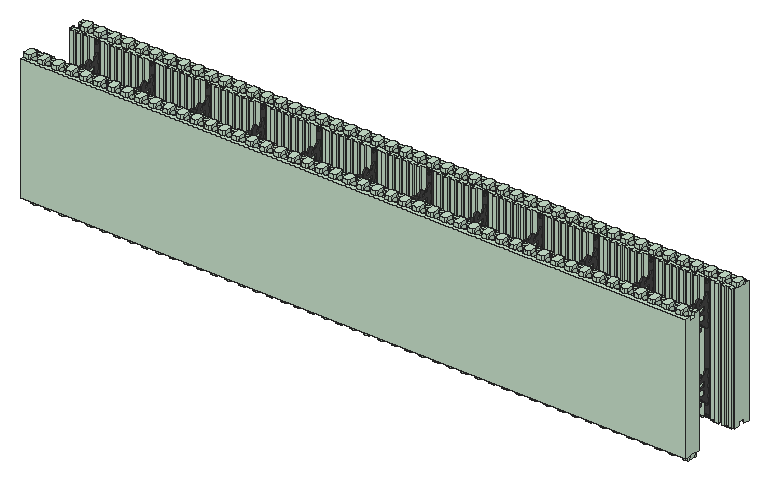
Revit family (continued)
Automatic sketch dimensions
  Extrusion 11 sketch curve to Extrusion 11 sketch curve = 0' - 0.2216"
  Extrusion 12 sketch curve to plane 8 = 0' - 0.72692"
  plane 3 "Center (Left/Right)" to Extrusion 12 sketch curve = 1' - 9"
  Extrusion 12 sketch curve to Extrusion 12 sketch curve = 0' - 0.17308"  (x2)
  Extrusion 12 sketch curve to Extrusion 12 sketch curve = 0' - 0"  (x5)
  Extrusion 12 sketch curve to Extrusion 12 sketch curve = 0' - 0 1/4"  (x4)
  Extrusion 12 sketch curve to Extrusion 12 sketch curve = 0' - 0.07692"  (x2)
  Extrusion 12 sketch curve to Extrusion 12 sketch curve = 0' - 0.17323"
  Extrusion 12 sketch curve to Extrusion 12 sketch curve = 0' - 0.01019"
  Extrusion 12 sketch curve to Extrusion 12 sketch curve = 0' - 0.07677"
  Extrusion 12 sketch curve to Extrusion 12 sketch curve = 0' - 0.17083"
  Extrusion 12 sketch curve to Extrusion 12 sketch curve = 0' - 0.01665"
  Extrusion 12 sketch curve to Extrusion 12 sketch curve = 0' - 0.14808"
  Extrusion 12 sketch curve to Extrusion 12 sketch curve = 0' - 0.33686"
  Extrusion 12 sketch curve to Extrusion 12 sketch curve = 0' - 0.2216"
  Extrusion 13 sketch curve to plane 8 = 0' - 0.72692"
  plane 3 "Center (Left/Right)" to Extrusion 13 sketch curve = 1' - 11"
  Extrusion 13 sketch curve to Extrusion 13 sketch curve = 0' - 0.17308"  (x2)
  Extrusion 13 sketch curve to Extrusion 13 sketch curve = 0' - 0"  (x5)
  Extrusion 13 sketch curve to Extrusion 13 sketch curve = 0' - 0 1/4"  (x4)
  Extrusion 13 sketch curve to Extrusion 13 sketch curve = 0' - 0.07692"  (x2)
  Extrusion 13 sketch curve to Extrusion 13 sketch curve = 0' - 0.17323"
  Extrusion 13 sketch curve to Extrusion 13 sketch curve = 0' - 0.01019"
  Extrusion 13 sketch curve to Extrusion 13 sketch curve = 0' - 0.07677"
  Extrusion 13 sketch curve to Extrusion 13 sketch curve = 0' - 0.17083"
  Extrusion 13 sketch curve to Extrusion 13 sketch curve = 0' - 0.01665"
  Extrusion 13 sketch curve to Extrusion 13 sketch curve = 0' - 0.14808"
  Extrusion 13 sketch curve to Extrusion 13 sketch curve = 0' - 0.33686"
  Extrusion 13 sketch curve to Extrusion 13 sketch curve = 0' - 0.2216"
  Extrusion 14 sketch curve to plane 8 = 0' - 0.72692"
  plane 3 "Center (Left/Right)" to Extrusion 14 sketch curve = 2' - 1"
  Extrusion 14 sketch curve to Extrusion 14 sketch curve = 0' - 0.17308"  (x2)
  Extrusion 14 sketch curve to Extrusion 14 sketch curve = 0' - 0"  (x5)
  Extrusion 14 sketch curve to Extrusion 14 sketch curve = 0' - 0 1/4"  (x4)
  Extrusion 14 sketch curve to Extrusion 14 sketch curve = 0' - 0.07692"  (x2)
  Extrusion 14 sketch curve to Extrusion 14 sketch curve = 0' - 0.17323"
  Extrusion 14 sketch curve to Extrusion 14 sketch curve = 0' - 0.01019"
  Extrusion 14 sketch curve to Extrusion 14 sketch curve = 0' - 0.07677"
  Extrusion 14 sketch curve to Extrusion 14 sketch curve = 0' - 0.17083"
  Extrusion 14 sketch curve to Extrusion 14 sketch curve = 0' - 0.01665"
  Extrusion 14 sketch curve to Extrusion 14 sketch curve = 0' - 0.14808"
  Extrusion 14 sketch curve to Extrusion 14 sketch curve = 0' - 0.33686"
  Extrusion 14 sketch curve to Extrusion 14 sketch curve = 0' - 0.2216"
  Extrusion 15 sketch curve to plane 8 = 0' - 0.72692"
  plane 3 "Center (Left/Right)" to Extrusion 15 sketch curve = 2' - 3"
  Extrusion 15 sketch curve to Extrusion 15 sketch curve = 0' - 0.17308"  (x2)
  Extrusion 15 sketch curve to Extrusion 15 sketch curve = 0' - 0"  (x5)
  Extrusion 15 sketch curve to Extrusion 15 sketch curve = 0' - 0 1/4"  (x4)
  Extrusion 15 sketch curve to Extrusion 15 sketch curve = 0' - 0.07692"  (x2)
  Extrusion 15 sketch curve to Extrusion 15 sketch curve = 0' - 0.17323"
  Extrusion 15 sketch curve to Extrusion 15 sketch curve = 0' - 0.01019"
  Extrusion 15 sketch curve to Extrusion 15 sketch curve = 0' - 0.07677"
  Extrusion 15 sketch curve to Extrusion 15 sketch curve = 0' - 0.17083"
  Extrusion 15 sketch curve to Extrusion 15 sketch curve = 0' - 0.01665"
  Extrusion 15 sketch curve to Extrusion 15 sketch curve = 0' - 0.14808"
  Extrusion 15 sketch curve to Extrusion 15 sketch curve = 0' - 0.33686"
  Extrusion 15 sketch curve to Extrusion 15 sketch curve = 0' - 0.2216"
  Extrusion 16 sketch curve to plane 8 = 0' - 0.72692"
  plane 3 "Center (Left/Right)" to Extrusion 16 sketch curve = 2' - 5"
  Extrusion 16 sketch curve to Extrusion 16 sketch curve = 0' - 0.17308"  (x2)
  Extrusion 16 sketch curve to Extrusion 16 sketch curve = 0' - 0"  (x5)
  Extrusion 16 sketch curve to Extrusion 16 sketch curve = 0' - 0 1/4"  (x4)
  Extrusion 16 sketch curve to Extrusion 16 sketch curve = 0' - 0.07692"  (x2)
  Extrusion 16 sketch curve to Extrusion 16 sketch curve = 0' - 0.17323"
  Extrusion 16 sketch curve to Extrusion 16 sketch curve = 0' - 0.01019"
  Extrusion 16 sketch curve to Extrusion 16 sketch curve = 0' - 0.07677"
  Extrusion 16 sketch curve to Extrusion 16 sketch curve = 0' - 0.17083"
  Extrusion 16 sketch curve to Extrusion 16 sketch curve = 0' - 0.01665"
  Extrusion 16 sketch curve to Extrusion 16 sketch curve = 0' - 0.14808"
  Extrusion 16 sketch curve to Extrusion 16 sketch curve = 0' - 0.33686"
  Extrusion 16 sketch curve to Extrusion 16 sketch curve = 0' - 0.2216"
  Extrusion 17 sketch curve to plane 8 = 0' - 0.72692"
  plane 3 "Center (Left/Right)" to Extrusion 17 sketch curve = 2' - 7"
  Extrusion 17 sketch curve to Extrusion 17 sketch curve = 0' - 0.17308"  (x2)
  Extrusion 17 sketch curve to Extrusion 17 sketch curve = 0' - 0"  (x5)
  Extrusion 17 sketch curve to Extrusion 17 sketch curve = 0' - 0 1/4"  (x4)
  Extrusion 17 sketch curve to Extrusion 17 sketch curve = 0' - 0.07692"  (x2)
  Extrusion 17 sketch curve to Extrusion 17 sketch curve = 0' - 0.17323"
  Extrusion 17 sketch curve to Extrusion 17 sketch curve = 0' - 0.01019"
  Extrusion 17 sketch curve to Extrusion 17 sketch curve = 0' - 0.07677"
  Extrusion 17 sketch curve to Extrusion 17 sketch curve = 0' - 0.17083"
  Extrusion 17 sketch curve to Extrusion 17 sketch curve = 0' - 0.01665"
  Extrusion 17 sketch curve to Extrusion 17 sketch curve = 0' - 0.14808"
  Extrusion 17 sketch curve to Extrusion 17 sketch curve = 0' - 0.33686"
  Extrusion 17 sketch curve to Extrusion 17 sketch curve = 0' - 0.2216"
  Extrusion 18 sketch curve to plane 8 = 0' - 0.72692"
  plane 3 "Center (Left/Right)" to Extrusion 18 sketch curve = 2' - 9"
  Extrusion 18 sketch curve to Extrusion 18 sketch curve = 0' - 0.17308"  (x2)
  Extrusion 18 sketch curve to Extrusion 18 sketch curve = 0' - 0"  (x5)
  Extrusion 18 sketch curve to Extrusion 18 sketch curve = 0' - 0 1/4"  (x4)
  Extrusion 18 sketch curve to Extrusion 18 sketch curve = 0' - 0.07692"  (x2)
  Extrusion 18 sketch curve to Extrusion 18 sketch curve = 0' - 0.17323"
  Extrusion 18 sketch curve to Extrusion 18 sketch curve = 0' - 0.01019"
  Extrusion 18 sketch curve to Extrusion 18 sketch curve = 0' - 0.07677"
  Extrusion 18 sketch curve to Extrusion 18 sketch curve = 0' - 0.17083"
  Extrusion 18 sketch curve to Extrusion 18 sketch curve = 0' - 0.01665"
  Extrusion 18 sketch curve to Extrusion 18 sketch curve = 0' - 0.14808"
  Extrusion 18 sketch curve to Extrusion 18 sketch curve = 0' - 0.33686"
  Extrusion 18 sketch curve to Extrusion 18 sketch curve = 0' - 0.2216"
  Extrusion 19 sketch curve to plane 8 = 0' - 0.72692"
  plane 3 "Center (Left/Right)" to Extrusion 19 sketch curve = 2' - 11"
  Extrusion 19 sketch curve to Extrusion 19 sketch curve = 0' - 0.17308"  (x2)
  Extrusion 19 sketch curve to Extrusion 19 sketch curve = 0' - 0"  (x5)
  Extrusion 19 sketch curve to Extrusion 19 sketch curve = 0' - 0 1/4"  (x4)
  Extrusion 19 sketch curve to Extrusion 19 sketch curve = 0' - 0.07692"  (x2)
  Extrusion 19 sketch curve to Extrusion 19 sketch curve = 0' - 0.17323"
  Extrusion 19 sketch curve to Extrusion 19 sketch curve = 0' - 0.01019"
  Extrusion 19 sketch curve to Extrusion 19 sketch curve = 0' - 0.07677"
  Extrusion 19 sketch curve to Extrusion 19 sketch curve = 0' - 0.17083"
  Extrusion 19 sketch curve to Extrusion 19 sketch curve = 0' - 0.01665"
  Extrusion 19 sketch curve to Extrusion 19 sketch curve = 0' - 0.14808"
  Extrusion 19 sketch curve to Extrusion 19 sketch curve = 0' - 0.33686"
  Extrusion 19 sketch curve to Extrusion 19 sketch curve = 0' - 0.2216"
  Extrusion 20 sketch curve to plane 8 = 0' - 0.72692"
  plane 3 "Center (Left/Right)" to Extrusion 20 sketch curve = 3' - 1"
  Extrusion 20 sketch curve to Extrusion 20 sketch curve = 0' - 0.17308"  (x2)
  Extrusion 20 sketch curve to Extrusion 20 sketch curve = 0' - 0"  (x5)
  Extrusion 20 sketch curve to Extrusion 20 sketch curve = 0' - 0 1/4"  (x4)
  Extrusion 20 sketch curve to Extrusion 20 sketch curve = 0' - 0.07692"  (x2)
  Extrusion 20 sketch curve to Extrusion 20 sketch curve = 0' - 0.17323"
  Extrusion 20 sketch curve to Extrusion 20 sketch curve = 0' - 0.01019"
  Extrusion 20 sketch curve to Extrusion 20 sketch curve = 0' - 0.07677"
  Extrusion 20 sketch curve to Extrusion 20 sketch curve = 0' - 0.17083"
  Extrusion 20 sketch curve to Extrusion 20 sketch curve = 0' - 0.01665"
  Extrusion 20 sketch curve to Extrusion 20 sketch curve = 0' - 0.14808"
  Extrusion 20 sketch curve to Extrusion 20 sketch curve = 0' - 0.33686"
  Extrusion 20 sketch curve to Extrusion 20 sketch curve = 0' - 0.2216"
  Extrusion 21 sketch curve to plane 8 = 0' - 0.72692"
  plane 3 "Center (Left/Right)" to Extrusion 21 sketch curve = 3' - 3"
  Extrusion 21 sketch curve to Extrusion 21 sketch curve = 0' - 0.17308"  (x2)
  Extrusion 21 sketch curve to Extrusion 21 sketch curve = 0' - 0"  (x5)
  Extrusion 21 sketch curve to Extrusion 21 sketch curve = 0' - 0 1/4"  (x4)
  Extrusion 21 sketch curve to Extrusion 21 sketch curve = 0' - 0.07692"  (x2)
  Extrusion 21 sketch curve to Extrusion 21 sketch curve = 0' - 0.17323"
  Extrusion 21 sketch curve to Extrusion 21 sketch curve = 0' - 0.01019"
  Extrusion 21 sketch curve to Extrusion 21 sketch curve = 0' - 0.07677"
  Extrusion 21 sketch curve to Extrusion 21 sketch curve = 0' - 0.17083"
  Extrusion 21 sketch curve to Extrusion 21 sketch curve = 0' - 0.01665"
  Extrusion 21 sketch curve to Extrusion 21 sketch curve = 0' - 0.14808"
  Extrusion 21 sketch curve to Extrusion 21 sketch curve = 0' - 0.33686"
  Extrusion 21 sketch curve to Extrusion 21 sketch curve = 0' - 0.2216"
  Extrusion 22 sketch curve to plane 8 = 0' - 0.72692"
  plane 3 "Center (Left/Right)" to Extrusion 22 sketch curve = 3' - 5"
  Extrusion 22 sketch curve to Extrusion 22 sketch curve = 0' - 0.17308"  (x2)
  Extrusion 22 sketch curve to Extrusion 22 sketch curve = 0' - 0"  (x5)
  Extrusion 22 sketch curve to Extrusion 22 sketch curve = 0' - 0 1/4"  (x4)
  Extrusion 22 sketch curve to Extrusion 22 sketch curve = 0' - 0.07692"  (x2)
  Extrusion 22 sketch curve to Extrusion 22 sketch curve = 0' - 0.17323"
  Extrusion 22 sketch curve to Extrusion 22 sketch curve = 0' - 0.01019"
  Extrusion 22 sketch curve to Extrusion 22 sketch curve = 0' - 0.07677"
  Extrusion 22 sketch curve to Extrusion 22 sketch curve = 0' - 0.17083"
  Extrusion 22 sketch curve to Extrusion 22 sketch curve = 0' - 0.01665"
  Extrusion 22 sketch curve to Extrusion 22 sketch curve = 0' - 0.14808"
  Extrusion 22 sketch curve to Extrusion 22 sketch curve = 0' - 0.33686"
  Extrusion 22 sketch curve to Extrusion 22 sketch curve = 0' - 0.2216"
  Extrusion 23 sketch curve to plane 8 = 0' - 0.72692"
  plane 3 "Center (Left/Right)" to Extrusion 23 sketch curve = 3' - 7"
  Extrusion 23 sketch curve to Extrusion 23 sketch curve = 0' - 0.17308"  (x2)
  Extrusion 23 sketch curve to Extrusion 23 sketch curve = 0' - 0"  (x5)
  Extrusion 23 sketch curve to Extrusion 23 sketch curve = 0' - 0 1/4"  (x4)
  Extrusion 23 sketch curve to Extrusion 23 sketch curve = 0' - 0.07692"  (x2)
  Extrusion 23 sketch curve to Extrusion 23 sketch curve = 0' - 0.17323"
  Extrusion 23 sketch curve to Extrusion 23 sketch curve = 0' - 0.01019"
  Extrusion 23 sketch curve to Extrusion 23 sketch curve = 0' - 0.07677"
  Extrusion 23 sketch curve to Extrusion 23 sketch curve = 0' - 0.17083"
  Extrusion 23 sketch curve to Extrusion 23 sketch curve = 0' - 0.01665"
  Extrusion 23 sketch curve to Extrusion 23 sketch curve = 0' - 0.14808"
  Extrusion 23 sketch curve to Extrusion 23 sketch curve = 0' - 0.33686"
  Extrusion 23 sketch curve to Extrusion 23 sketch curve = 0' - 0.2216"
  Extrusion 24 sketch curve to plane 8 = 0' - 0.72692"
  plane 3 "Center (Left/Right)" to Extrusion 24 sketch curve = 3' - 9"
  Extrusion 24 sketch curve to Extrusion 24 sketch curve = 0' - 0.17308"  (x2)
  Extrusion 24 sketch curve to Extrusion 24 sketch curve = 0' - 0"  (x5)
  Extrusion 24 sketch curve to Extrusion 24 sketch curve = 0' - 0 1/4"  (x4)
  Extrusion 24 sketch curve to Extrusion 24 sketch curve = 0' - 0.07692"  (x2)
  Extrusion 24 sketch curve to Extrusion 24 sketch curve = 0' - 0.17323"
  Extrusion 24 sketch curve to Extrusion 24 sketch curve = 0' - 0.01019"
  Extrusion 24 sketch curve to Extrusion 24 sketch curve = 0' - 0.07677"
  Extrusion 24 sketch curve to Extrusion 24 sketch curve = 0' - 0.17083"
  Extrusion 24 sketch curve to Extrusion 24 sketch curve = 0' - 0.01665"
  Extrusion 24 sketch curve to Extrusion 24 sketch curve = 0' - 0.14808"
  Extrusion 24 sketch curve to Extrusion 24 sketch curve = 0' - 0.33686"
  Extrusion 24 sketch curve to Extrusion 24 sketch curve = 0' - 0.2216"
  Extrusion 25 sketch curve to plane 8 = 0' - 0.72692"
  plane 3 "Center (Left/Right)" to Extrusion 25 sketch curve = 3' - 11"
  Extrusion 25 sketch curve to Extrusion 25 sketch curve = 0' - 0.17308"  (x2)
  Extrusion 25 sketch curve to Extrusion 25 sketch curve = 0' - 0"  (x5)
  Extrusion 25 sketch curve to Extrusion 25 sketch curve = 0' - 0 1/4"  (x4)
  Extrusion 25 sketch curve to Extrusion 25 sketch curve = 0' - 0.07692"  (x2)
  Extrusion 25 sketch curve to Extrusion 25 sketch curve = 0' - 0.17323"
  Extrusion 25 sketch curve to Extrusion 25 sketch curve = 0' - 0.01019"
  Extrusion 25 sketch curve to Extrusion 25 sketch curve = 0' - 0.07677"
  Extrusion 25 sketch curve to Extrusion 25 sketch curve = 0' - 0.17083"
  Extrusion 25 sketch curve to Extrusion 25 sketch curve = 0' - 0.01665"
  Extrusion 25 sketch curve to Extrusion 25 sketch curve = 0' - 0.14808"
  Extrusion 25 sketch curve to Extrusion 25 sketch curve = 0' - 0.33686"
  Extrusion 25 sketch curve to Extrusion 25 sketch curve = 0' - 0.2216"
  Extrusion 26 sketch curve to plane 8 = 0' - 0.72692"
  Extrusion 26 sketch curve to plane 4 = 3' - 11"
  Extrusion 26 sketch curve to Extrusion 26 sketch curve = 0' - 0.17308"  (x2)
  Extrusion 26 sketch curve to Extrusion 26 sketch curve = 0' - 0"  (x5)
  Extrusion 26 sketch curve to Extrusion 26 sketch curve = 0' - 0 1/4"  (x4)
  Extrusion 26 sketch curve to Extrusion 26 sketch curve = 0' - 0.07692"  (x2)
  Extrusion 26 sketch curve to Extrusion 26 sketch curve = 0' - 0.17323"
  Extrusion 26 sketch curve to Extrusion 26 sketch curve = 0' - 0.01019"
  Extrusion 26 sketch curve to Extrusion 26 sketch curve = 0' - 0.07677"
  Extrusion 26 sketch curve to Extrusion 26 sketch curve = 0' - 0.17083"
  Extrusion 26 sketch curve to Extrusion 26 sketch curve = 0' - 0.01665"
  Extrusion 26 sketch curve to Extrusion 26 sketch curve = 0' - 0.14808"
  Extrusion 26 sketch curve to Extrusion 26 sketch curve = 0' - 0.33686"
  Extrusion 26 sketch curve to Extrusion 26 sketch curve = 0' - 0.2216"
  Extrusion 27 sketch curve to plane 8 = 0' - 0.72692"
  Extrusion 27 sketch curve to plane 4 = 3' - 9"
  Extrusion 27 sketch curve to Extrusion 27 sketch curve = 0' - 0.17308"  (x2)
  Extrusion 27 sketch curve to Extrusion 27 sketch curve = 0' - 0"  (x5)
  Extrusion 27 sketch curve to Extrusion 27 sketch curve = 0' - 0 1/4"  (x4)
  Extrusion 27 sketch curve to Extrusion 27 sketch curve = 0' - 0.07692"  (x2)
  Extrusion 27 sketch curve to Extrusion 27 sketch curve = 0' - 0.17323"
  Extrusion 27 sketch curve to Extrusion 27 sketch curve = 0' - 0.01019"
  Extrusion 27 sketch curve to Extrusion 27 sketch curve = 0' - 0.07677"
  Extrusion 27 sketch curve to Extrusion 27 sketch curve = 0' - 0.17083"
  Extrusion 27 sketch curve to Extrusion 27 sketch curve = 0' - 0.01665"
  Extrusion 27 sketch curve to Extrusion 27 sketch curve = 0' - 0.14808"
  Extrusion 27 sketch curve to Extrusion 27 sketch curve = 0' - 0.33686"
  Extrusion 27 sketch curve to Extrusion 27 sketch curve = 0' - 0.2216"
  Extrusion 28 sketch curve to plane 8 = 0' - 0.72692"
  Extrusion 28 sketch curve to plane 4 = 3' - 7"
  Extrusion 28 sketch curve to Extrusion 28 sketch curve = 0' - 0.17308"  (x2)
  Extrusion 28 sketch curve to Extrusion 28 sketch curve = 0' - 0"  (x5)
  Extrusion 28 sketch curve to Extrusion 28 sketch curve = 0' - 0 1/4"  (x4)
  Extrusion 28 sketch curve to Extrusion 28 sketch curve = 0' - 0.07692"  (x2)
  Extrusion 28 sketch curve to Extrusion 28 sketch curve = 0' - 0.17323"
  Extrusion 28 sketch curve to Extrusion 28 sketch curve = 0' - 0.01019"
  Extrusion 28 sketch curve to Extrusion 28 sketch curve = 0' - 0.07677"
  Extrusion 28 sketch curve to Extrusion 28 sketch curve = 0' - 0.17083"
  Extrusion 28 sketch curve to Extrusion 28 sketch curve = 0' - 0.01665"
  Extrusion 28 sketch curve to Extrusion 28 sketch curve = 0' - 0.14808"
  Extrusion 28 sketch curve to Extrusion 28 sketch curve = 0' - 0.33686"
  Extrusion 28 sketch curve to Extrusion 28 sketch curve = 0' - 0.2216"
  Extrusion 29 sketch curve to plane 8 = 0' - 0.72692"
  Extrusion 29 sketch curve to plane 4 = 3' - 5"
  Extrusion 29 sketch curve to Extrusion 29 sketch curve = 0' - 0.17308"  (x2)
  Extrusion 29 sketch curve to Extrusion 29 sketch curve = 0' - 0"  (x5)
  Extrusion 29 sketch curve to Extrusion 29 sketch curve = 0' - 0 1/4"  (x4)
  Extrusion 29 sketch curve to Extrusion 29 sketch curve = 0' - 0.07692"  (x2)
  Extrusion 29 sketch curve to Extrusion 29 sketch curve = 0' - 0.17323"
  Extrusion 29 sketch curve to Extrusion 29 sketch curve = 0' - 0.01019"
  Extrusion 29 sketch curve to Extrusion 29 sketch curve = 0' - 0.07677"
  Extrusion 29 sketch curve to Extrusion 29 sketch curve = 0' - 0.17083"
  Extrusion 29 sketch curve to Extrusion 29 sketch curve = 0' - 0.01665"
  Extrusion 29 sketch curve to Extrusion 29 sketch curve = 0' - 0.14808"
  Extrusion 29 sketch curve to Extrusion 29 sketch curve = 0' - 0.33686"
  Extrusion 29 sketch curve to Extrusion 29 sketch curve = 0' - 0.2216"
  Extrusion 30 sketch curve to plane 8 = 0' - 0.72692"
  Extrusion 30 sketch curve to plane 4 = 3' - 3"
  Extrusion 30 sketch curve to Extrusion 30 sketch curve = 0' - 0.17308"  (x2)
  Extrusion 30 sketch curve to Extrusion 30 sketch curve = 0' - 0"  (x5)
  Extrusion 30 sketch curve to Extrusion 30 sketch curve = 0' - 0 1/4"  (x4)
  Extrusion 30 sketch curve to Extrusion 30 sketch curve = 0' - 0.07692"  (x2)
  Extrusion 30 sketch curve to Extrusion 30 sketch curve = 0' - 0.17323"
  Extrusion 30 sketch curve to Extrusion 30 sketch curve = 0' - 0.01019"
  Extrusion 30 sketch curve to Extrusion 30 sketch curve = 0' - 0.07677"
  Extrusion 30 sketch curve to Extrusion 30 sketch curve = 0' - 0.17083"
  Extrusion 30 sketch curve to Extrusion 30 sketch curve = 0' - 0.01665"
  Extrusion 30 sketch curve to Extrusion 30 sketch curve = 0' - 0.14808"
  Extrusion 30 sketch curve to Extrusion 30 sketch curve = 0' - 0.33686"
  Extrusion 30 sketch curve to Extrusion 30 sketch curve = 0' - 0.2216"
  Extrusion 31 sketch curve to plane 8 = 0' - 0.72692"
  Extrusion 31 sketch curve to plane 4 = 3' - 1"
  Extrusion 31 sketch curve to Extrusion 31 sketch curve = 0' - 0.17308"  (x2)
  Extrusion 31 sketch curve to Extrusion 31 sketch curve = 0' - 0"  (x5)
  Extrusion 31 sketch curve to Extrusion 31 sketch curve = 0' - 0 1/4"  (x4)
  Extrusion 31 sketch curve to Extrusion 31 sketch curve = 0' - 0.07692"  (x2)
  Extrusion 31 sketch curve to Extrusion 31 sketch curve = 0' - 0.17323"
  Extrusion 31 sketch curve to Extrusion 31 sketch curve = 0' - 0.01019"
  Extrusion 31 sketch curve to Extrusion 31 sketch curve = 0' - 0.07677"
  Extrusion 31 sketch curve to Extrusion 31 sketch curve = 0' - 0.17083"
  Extrusion 31 sketch curve to Extrusion 31 sketch curve = 0' - 0.01665"
  Extrusion 31 sketch curve to Extrusion 31 sketch curve = 0' - 0.14808"
  Extrusion 31 sketch curve to Extrusion 31 sketch curve = 0' - 0.33686"
  Extrusion 31 sketch curve to Extrusion 31 sketch curve = 0' - 0.2216"
  Extrusion 32 sketch curve to plane 8 = 0' - 0.72692"
  Extrusion 32 sketch curve to plane 4 = 2' - 11"
  Extrusion 32 sketch curve to Extrusion 32 sketch curve = 0' - 0.17308"  (x2)
  Extrusion 32 sketch curve to Extrusion 32 sketch curve = 0' - 0"  (x5)
  Extrusion 32 sketch curve to Extrusion 32 sketch curve = 0' - 0 1/4"  (x4)
  Extrusion 32 sketch curve to Extrusion 32 sketch curve = 0' - 0.07692"  (x2)
  Extrusion 32 sketch curve to Extrusion 32 sketch curve = 0' - 0.17323"
  Extrusion 32 sketch curve to Extrusion 32 sketch curve = 0' - 0.01019"
  Extrusion 32 sketch curve to Extrusion 32 sketch curve = 0' - 0.07677"
  Extrusion 32 sketch curve to Extrusion 32 sketch curve = 0' - 0.17083"
  Extrusion 32 sketch curve to Extrusion 32 sketch curve = 0' - 0.01665"
  Extrusion 32 sketch curve to Extrusion 32 sketch curve = 0' - 0.14808"
  Extrusion 32 sketch curve to Extrusion 32 sketch curve = 0' - 0.33686"
  Extrusion 32 sketch curve to Extrusion 32 sketch curve = 0' - 0.2216"
  Extrusion 33 sketch curve to plane 8 = 0' - 0.72692"
  Extrusion 33 sketch curve to plane 4 = 2' - 9"
  Extrusion 33 sketch curve to Extrusion 33 sketch curve = 0' - 0.17308"  (x2)
  Extrusion 33 sketch curve to Extrusion 33 sketch curve = 0' - 0"  (x5)
  Extrusion 33 sketch curve to Extrusion 33 sketch curve = 0' - 0 1/4"  (x4)
  Extrusion 33 sketch curve to Extrusion 33 sketch curve = 0' - 0.07692"  (x2)
  Extrusion 33 sketch curve to Extrusion 33 sketch curve = 0' - 0.17323"
  Extrusion 33 sketch curve to Extrusion 33 sketch curve = 0' - 0.01019"
  Extrusion 33 sketch curve to Extrusion 33 sketch curve = 0' - 0.07677"
  Extrusion 33 sketch curve to Extrusion 33 sketch curve = 0' - 0.17083"
  Extrusion 33 sketch curve to Extrusion 33 sketch curve = 0' - 0.01665"
  Extrusion 33 sketch curve to Extrusion 33 sketch curve = 0' - 0.14808"
  Extrusion 33 sketch curve to Extrusion 33 sketch curve = 0' - 0.33686"
  Extrusion 33 sketch curve to Extrusion 33 sketch curve = 0' - 0.2216"
  Extrusion 34 sketch curve to plane 8 = 0' - 0.72692"
  Extrusion 34 sketch curve to plane 4 = 2' - 7"
  Extrusion 34 sketch curve to Extrusion 34 sketch curve = 0' - 0.17308"  (x2)
  Extrusion 34 sketch curve to Extrusion 34 sketch curve = 0' - 0"  (x5)
  Extrusion 34 sketch curve to Extrusion 34 sketch curve = 0' - 0 1/4"  (x4)
  Extrusion 34 sketch curve to Extrusion 34 sketch curve = 0' - 0.07692"  (x2)
  Extrusion 34 sketch curve to Extrusion 34 sketch curve = 0' - 0.17323"
  Extrusion 34 sketch curve to Extrusion 34 sketch curve = 0' - 0.01019"
  Extrusion 34 sketch curve to Extrusion 34 sketch curve = 0' - 0.07677"
  Extrusion 34 sketch curve to Extrusion 34 sketch curve = 0' - 0.17083"
  Extrusion 34 sketch curve to Extrusion 34 sketch curve = 0' - 0.01665"
  Extrusion 34 sketch curve to Extrusion 34 sketch curve = 0' - 0.14808"
  Extrusion 34 sketch curve to Extrusion 34 sketch curve = 0' - 0.33686"
  Extrusion 34 sketch curve to Extrusion 34 sketch curve = 0' - 0.2216"
  Extrusion 35 sketch curve to plane 8 = 0' - 0.72692"
  Extrusion 35 sketch curve to plane 4 = 2' - 5"
  Extrusion 35 sketch curve to Extrusion 35 sketch curve = 0' - 0.17308"  (x2)
  Extrusion 35 sketch curve to Extrusion 35 sketch curve = 0' - 0"  (x5)
  Extrusion 35 sketch curve to Extrusion 35 sketch curve = 0' - 0 1/4"  (x4)
  Extrusion 35 sketch curve to Extrusion 35 sketch curve = 0' - 0.07692"  (x2)
  Extrusion 35 sketch curve to Extrusion 35 sketch curve = 0' - 0.17323"
  Extrusion 35 sketch curve to Extrusion 35 sketch curve = 0' - 0.01019"
  Extrusion 35 sketch curve to Extrusion 35 sketch curve = 0' - 0.07677"
  Extrusion 35 sketch curve to Extrusion 35 sketch curve = 0' - 0.17083"
  Extrusion 35 sketch curve to Extrusion 35 sketch curve = 0' - 0.01665"
  Extrusion 35 sketch curve to Extrusion 35 sketch curve = 0' - 0.14808"
  Extrusion 35 sketch curve to Extrusion 35 sketch curve = 0' - 0.33686"
  Extrusion 35 sketch curve to Extrusion 35 sketch curve = 0' - 0.2216"
  Extrusion 36 sketch curve to plane 8 = 0' - 0.72692"
  Extrusion 36 sketch curve to plane 4 = 2' - 3"
  Extrusion 36 sketch curve to Extrusion 36 sketch curve = 0' - 0.17308"  (x2)
  Extrusion 36 sketch curve to Extrusion 36 sketch curve = 0' - 0"  (x5)
  Extrusion 36 sketch curve to Extrusion 36 sketch curve = 0' - 0 1/4"  (x4)
  Extrusion 36 sketch curve to Extrusion 36 sketch curve = 0' - 0.07692"  (x2)
  Extrusion 36 sketch curve to Extrusion 36 sketch curve = 0' - 0.17323"
  Extrusion 36 sketch curve to Extrusion 36 sketch curve = 0' - 0.01019"
  Extrusion 36 sketch curve to Extrusion 36 sketch curve = 0' - 0.07677"
  Extrusion 36 sketch curve to Extrusion 36 sketch curve = 0' - 0.17083"
  Extrusion 36 sketch curve to Extrusion 36 sketch curve = 0' - 0.01665"
  Extrusion 36 sketch curve to Extrusion 36 sketch curve = 0' - 0.14808"
  Extrusion 36 sketch curve to Extrusion 36 sketch curve = 0' - 0.33686"
  Extrusion 36 sketch curve to Extrusion 36 sketch curve = 0' - 0.2216"
  Extrusion 37 sketch curve to plane 8 = 0' - 0.72692"
  Extrusion 37 sketch curve to plane 4 = 2' - 1"
  Extrusion 37 sketch curve to Extrusion 37 sketch curve = 0' - 0.17308"  (x2)
  Extrusion 37 sketch curve to Extrusion 37 sketch curve = 0' - 0"  (x5)
  Extrusion 37 sketch curve to Extrusion 37 sketch curve = 0' - 0 1/4"  (x4)
  Extrusion 37 sketch curve to Extrusion 37 sketch curve = 0' - 0.07692"  (x2)
  Extrusion 37 sketch curve to Extrusion 37 sketch curve = 0' - 0.17323"
  Extrusion 37 sketch curve to Extrusion 37 sketch curve = 0' - 0.01019"
  Extrusion 37 sketch curve to Extrusion 37 sketch curve = 0' - 0.07677"
  Extrusion 37 sketch curve to Extrusion 37 sketch curve = 0' - 0.17083"
  Extrusion 37 sketch curve to Extrusion 37 sketch curve = 0' - 0.01665"
  Extrusion 37 sketch curve to Extrusion 37 sketch curve = 0' - 0.14808"
  Extrusion 37 sketch curve to Extrusion 37 sketch curve = 0' - 0.33686"
  Extrusion 37 sketch curve to Extrusion 37 sketch curve = 0' - 0.2216"
  Extrusion 38 sketch curve to plane 8 = 0' - 0.72692"
  Extrusion 38 sketch curve to plane 4 = 1' - 11"
  Extrusion 38 sketch curve to Extrusion 38 sketch curve = 0' - 0.17308"  (x2)
  Extrusion 38 sketch curve to Extrusion 38 sketch curve = 0' - 0"  (x5)
  Extrusion 38 sketch curve to Extrusion 38 sketch curve = 0' - 0 1/4"  (x4)
  Extrusion 38 sketch curve to Extrusion 38 sketch curve = 0' - 0.07692"  (x2)
  Extrusion 38 sketch curve to Extrusion 38 sketch curve = 0' - 0.17323"
  Extrusion 38 sketch curve to Extrusion 38 sketch curve = 0' - 0.01019"
  Extrusion 38 sketch curve to Extrusion 38 sketch curve = 0' - 0.07677"
  Extrusion 38 sketch curve to Extrusion 38 sketch curve = 0' - 0.17083"
  Extrusion 38 sketch curve to Extrusion 38 sketch curve = 0' - 0.01665"
  Extrusion 38 sketch curve to Extrusion 38 sketch curve = 0' - 0.14808"
  Extrusion 38 sketch curve to Extrusion 38 sketch curve = 0' - 0.33686"
  Extrusion 38 sketch curve to Extrusion 38 sketch curve = 0' - 0.2216"
  Extrusion 39 sketch curve to plane 8 = 0' - 0.72692"
  Extrusion 39 sketch curve to plane 4 = 1' - 9"
  Extrusion 39 sketch curve to Extrusion 39 sketch curve = 0' - 0.17308"  (x2)
  Extrusion 39 sketch curve to Extrusion 39 sketch curve = 0' - 0"  (x5)
  Extrusion 39 sketch curve to Extrusion 39 sketch curve = 0' - 0 1/4"  (x4)
  Extrusion 39 sketch curve to Extrusion 39 sketch curve = 0' - 0.07692"  (x2)
  Extrusion 39 sketch curve to Extrusion 39 sketch curve = 0' - 0.17323"
  Extrusion 39 sketch curve to Extrusion 39 sketch curve = 0' - 0.01019"
  Extrusion 39 sketch curve to Extrusion 39 sketch curve = 0' - 0.07677"
  Extrusion 39 sketch curve to Extrusion 39 sketch curve = 0' - 0.17083"
  Extrusion 39 sketch curve to Extrusion 39 sketch curve = 0' - 0.01665"
  Extrusion 39 sketch curve to Extrusion 39 sketch curve = 0' - 0.14808"
  Extrusion 39 sketch curve to Extrusion 39 sketch curve = 0' - 0.33686"
  Extrusion 39 sketch curve to Extrusion 39 sketch curve = 0' - 0.2216"
  Extrusion 40 sketch curve to plane 8 = 0' - 0.72692"
  Extrusion 40 sketch curve to plane 4 = 1' - 7"
  Extrusion 40 sketch curve to Extrusion 40 sketch curve = 0' - 0.17308"  (x2)
  Extrusion 40 sketch curve to Extrusion 40 sketch curve = 0' - 0"  (x5)
  Extrusion 40 sketch curve to Extrusion 40 sketch curve = 0' - 0 1/4"  (x4)
  Extrusion 40 sketch curve to Extrusion 40 sketch curve = 0' - 0.07692"  (x2)
  Extrusion 40 sketch curve to Extrusion 40 sketch curve = 0' - 0.17323"
  Extrusion 40 sketch curve to Extrusion 40 sketch curve = 0' - 0.01019"
  Extrusion 40 sketch curve to Extrusion 40 sketch curve = 0' - 0.07677"
  Extrusion 40 sketch curve to Extrusion 40 sketch curve = 0' - 0.17083"
  Extrusion 40 sketch curve to Extrusion 40 sketch curve = 0' - 0.01665"
  Extrusion 40 sketch curve to Extrusion 40 sketch curve = 0' - 0.14808"
  Extrusion 40 sketch curve to Extrusion 40 sketch curve = 0' - 0.33686"
  Extrusion 40 sketch curve to Extrusion 40 sketch curve = 0' - 0.2216"
  Extrusion 41 sketch curve to plane 8 = 0' - 0.72692"
  Extrusion 41 sketch curve to plane 4 = 1' - 5"
  Extrusion 41 sketch curve to Extrusion 41 sketch curve = 0' - 0.17308"  (x2)
  Extrusion 41 sketch curve to Extrusion 41 sketch curve = 0' - 0"  (x5)
  Extrusion 41 sketch curve to Extrusion 41 sketch curve = 0' - 0 1/4"  (x4)
  Extrusion 41 sketch curve to Extrusion 41 sketch curve = 0' - 0.07692"  (x2)
  Extrusion 41 sketch curve to Extrusion 41 sketch curve = 0' - 0.17323"
  Extrusion 41 sketch curve to Extrusion 41 sketch curve = 0' - 0.01019"
  Extrusion 41 sketch curve to Extrusion 41 sketch curve = 0' - 0.07677"
  Extrusion 41 sketch curve to Extrusion 41 sketch curve = 0' - 0.17083"
  Extrusion 41 sketch curve to Extrusion 41 sketch curve = 0' - 0.01665"
  Extrusion 41 sketch curve to Extrusion 41 sketch curve = 0' - 0.14808"
  Extrusion 41 sketch curve to Extrusion 41 sketch curve = 0' - 0.33686"
  Extrusion 41 sketch curve to Extrusion 41 sketch curve = 0' - 0.2216"
  Extrusion 42 sketch curve to plane 8 = 0' - 0.72692"
  Extrusion 42 sketch curve to plane 4 = 1' - 3"
  Extrusion 42 sketch curve to Extrusion 42 sketch curve = 0' - 0.17308"  (x2)
  Extrusion 42 sketch curve to Extrusion 42 sketch curve = 0' - 0"  (x5)
  Extrusion 42 sketch curve to Extrusion 42 sketch curve = 0' - 0 1/4"  (x4)
  Extrusion 42 sketch curve to Extrusion 42 sketch curve = 0' - 0.07692"  (x2)
  Extrusion 42 sketch curve to Extrusion 42 sketch curve = 0' - 0.17323"
  Extrusion 42 sketch curve to Extrusion 42 sketch curve = 0' - 0.01019"
  Extrusion 42 sketch curve to Extrusion 42 sketch curve = 0' - 0.07677"
  Extrusion 42 sketch curve to Extrusion 42 sketch curve = 0' - 0.17083"
  Extrusion 42 sketch curve to Extrusion 42 sketch curve = 0' - 0.01665"
  Extrusion 42 sketch curve to Extrusion 42 sketch curve = 0' - 0.14808"
  Extrusion 42 sketch curve to Extrusion 42 sketch curve = 0' - 0.33686"
  Extrusion 42 sketch curve to Extrusion 42 sketch curve = 0' - 0.2216"
  Extrusion 43 sketch curve to plane 8 = 0' - 0.72692"
  Extrusion 43 sketch curve to plane 4 = 1' - 1"
  Extrusion 43 sketch curve to Extrusion 43 sketch curve = 0' - 0.17308"  (x2)
  Extrusion 43 sketch curve to Extrusion 43 sketch curve = 0' - 0"  (x5)
  Extrusion 43 sketch curve to Extrusion 43 sketch curve = 0' - 0 1/4"  (x4)
  Extrusion 43 sketch curve to Extrusion 43 sketch curve = 0' - 0.07692"  (x2)
  Extrusion 43 sketch curve to Extrusion 43 sketch curve = 0' - 0.17323"
  Extrusion 43 sketch curve to Extrusion 43 sketch curve = 0' - 0.01019"
  Extrusion 43 sketch curve to Extrusion 43 sketch curve = 0' - 0.07677"
  Extrusion 43 sketch curve to Extrusion 43 sketch curve = 0' - 0.17083"
  Extrusion 43 sketch curve to Extrusion 43 sketch curve = 0' - 0.01665"
  Extrusion 43 sketch curve to Extrusion 43 sketch curve = 0' - 0.14808"
  Extrusion 43 sketch curve to Extrusion 43 sketch curve = 0' - 0.33686"
  Extrusion 43 sketch curve to Extrusion 43 sketch curve = 0' - 0.2216"
  Extrusion 44 sketch curve to plane 8 = 0' - 0.72692"
  Extrusion 44 sketch curve to plane 4 = 0' - 11"
  Extrusion 44 sketch curve to Extrusion 44 sketch curve = 0' - 0.17308"  (x2)
  Extrusion 44 sketch curve to Extrusion 44 sketch curve = 0' - 0"  (x5)
  Extrusion 44 sketch curve to Extrusion 44 sketch curve = 0' - 0 1/4"  (x4)
  Extrusion 44 sketch curve to Extrusion 44 sketch curve = 0' - 0.07692"  (x2)
  Extrusion 44 sketch curve to Extrusion 44 sketch curve = 0' - 0.17323"
  Extrusion 44 sketch curve to Extrusion 44 sketch curve = 0' - 0.01019"
  Extrusion 44 sketch curve to Extrusion 44 sketch curve = 0' - 0.07677"
  Extrusion 44 sketch curve to Extrusion 44 sketch curve = 0' - 0.17083"
  Extrusion 44 sketch curve to Extrusion 44 sketch curve = 0' - 0.01665"
  Extrusion 44 sketch curve to Extrusion 44 sketch curve = 0' - 0.14808"
  Extrusion 44 sketch curve to Extrusion 44 sketch curve = 0' - 0.33686"
  Extrusion 44 sketch curve to Extrusion 44 sketch curve = 0' - 0.2216"
  Extrusion 45 sketch curve to plane 8 = 0' - 0.72692"
  Extrusion 45 sketch curve to plane 4 = 0' - 9"
  Extrusion 45 sketch curve to Extrusion 45 sketch curve = 0' - 0.17308"  (x2)
  Extrusion 45 sketch curve to Extrusion 45 sketch curve = 0' - 0"  (x5)
  Extrusion 45 sketch curve to Extrusion 45 sketch curve = 0' - 0 1/4"  (x4)
  Extrusion 45 sketch curve to Extrusion 45 sketch curve = 0' - 0.07692"  (x2)
  Extrusion 45 sketch curve to Extrusion 45 sketch curve = 0' - 0.17323"
  Extrusion 45 sketch curve to Extrusion 45 sketch curve = 0' - 0.01019"
  Extrusion 45 sketch curve to Extrusion 45 sketch curve = 0' - 0.07677"
  Extrusion 45 sketch curve to Extrusion 45 sketch curve = 0' - 0.17083"
  Extrusion 45 sketch curve to Extrusion 45 sketch curve = 0' - 0.01665"
  Extrusion 45 sketch curve to Extrusion 45 sketch curve = 0' - 0.14808"
  Extrusion 45 sketch curve to Extrusion 45 sketch curve = 0' - 0.33686"
  Extrusion 45 sketch curve to Extrusion 45 sketch curve = 0' - 0.2216"
  Extrusion 46 sketch curve to plane 8 = 0' - 0.72692"
  Extrusion 46 sketch curve to plane 4 = 0' - 7"
  Extrusion 46 sketch curve to Extrusion 46 sketch curve = 0' - 0.17308"  (x2)
  Extrusion 46 sketch curve to Extrusion 46 sketch curve = 0' - 0"  (x5)
  Extrusion 46 sketch curve to Extrusion 46 sketch curve = 0' - 0 1/4"  (x4)
  Extrusion 46 sketch curve to Extrusion 46 sketch curve = 0' - 0.07692"  (x2)
  Extrusion 46 sketch curve to Extrusion 46 sketch curve = 0' - 0.17323"
  Extrusion 46 sketch curve to Extrusion 46 sketch curve = 0' - 0.01019"
  Extrusion 46 sketch curve to Extrusion 46 sketch curve = 0' - 0.07677"
  Extrusion 46 sketch curve to Extrusion 46 sketch curve = 0' - 0.17083"
  Extrusion 46 sketch curve to Extrusion 46 sketch curve = 0' - 0.01665"
  Extrusion 46 sketch curve to Extrusion 46 sketch curve = 0' - 0.14808"
  Extrusion 46 sketch curve to Extrusion 46 sketch curve = 0' - 0.33686"
  Extrusion 46 sketch curve to Extrusion 46 sketch curve = 0' - 0.2216"
  Extrusion 47 sketch curve to plane 8 = 0' - 0.72692"
  Extrusion 47 sketch curve to plane 4 = 0' - 5"
  Extrusion 47 sketch curve to Extrusion 47 sketch curve = 0' - 0.17308"  (x2)
  Extrusion 47 sketch curve to Extrusion 47 sketch curve = 0' - 0"  (x5)
  Extrusion 47 sketch curve to Extrusion 47 sketch curve = 0' - 0 1/4"  (x4)
  Extrusion 47 sketch curve to Extrusion 47 sketch curve = 0' - 0.07692"  (x2)
  Extrusion 47 sketch curve to Extrusion 47 sketch curve = 0' - 0.17323"
  Extrusion 47 sketch curve to Extrusion 47 sketch curve = 0' - 0.01019"
  Extrusion 47 sketch curve to Extrusion 47 sketch curve = 0' - 0.07677"
  Extrusion 47 sketch curve to Extrusion 47 sketch curve = 0' - 0.17083"
  Extrusion 47 sketch curve to Extrusion 47 sketch curve = 0' - 0.01665"
  Extrusion 47 sketch curve to Extrusion 47 sketch curve = 0' - 0.14808"
  Extrusion 47 sketch curve to Extrusion 47 sketch curve = 0' - 0.33686"
  Extrusion 47 sketch curve to Extrusion 47 sketch curve = 0' - 0.2216"
  Extrusion 48 sketch curve to plane 8 = 0' - 0.72692"
  Extrusion 48 sketch curve to plane 4 = 0' - 3"
  Extrusion 48 sketch curve to Extrusion 48 sketch curve = 0' - 0.17308"  (x2)
  Extrusion 48 sketch curve to Extrusion 48 sketch curve = 0' - 0"  (x5)
  Extrusion 48 sketch curve to Extrusion 48 sketch curve = 0' - 0 1/4"  (x4)
  Extrusion 48 sketch curve to Extrusion 48 sketch curve = 0' - 0.07692"  (x2)
  Extrusion 48 sketch curve to Extrusion 48 sketch curve = 0' - 0.17323"
  Extrusion 48 sketch curve to Extrusion 48 sketch curve = 0' - 0.01019"
  Extrusion 48 sketch curve to Extrusion 48 sketch curve = 0' - 0.07677"
  Extrusion 48 sketch curve to Extrusion 48 sketch curve = 0' - 0.17083"
  Extrusion 48 sketch curve to Extrusion 48 sketch curve = 0' - 0.01665"
  Extrusion 48 sketch curve to Extrusion 48 sketch curve = 0' - 0.14808"
  Extrusion 48 sketch curve to Extrusion 48 sketch curve = 0' - 0.33686"
  Extrusion 48 sketch curve to Extrusion 48 sketch curve = 0' - 0.2216"
  Extrusion 49 sketch curve to plane 4 = 0' - 0"
  Extrusion 49 sketch curve to plane 4 = 0' - 0.02075"
  Extrusion 49 sketch curve to Extrusion 49 sketch curve = 0' - 0.04585"
  Extrusion 49 sketch curve to Extrusion 49 sketch curve = 0' - 0"  (x4)
  Extrusion 49 sketch curve to Extrusion 49 sketch curve = 0' - 0.01665"
  Extrusion 49 sketch curve to plane 4 = 0' - 0.17308"
  Extrusion 49 sketch curve to plane 4 = 0' - 0 1/4"
  Extrusion 49 sketch curve to Extrusion 49 sketch curve = 0' - 0.17083"
  Extrusion 49 sketch curve to Extrusion 49 sketch curve = 0' - 0 1/16"
  Extrusion 49 sketch curve to Extrusion 49 sketch curve = 0' - 0.01019"
  Extrusion 49 sketch curve to Extrusion 49 sketch curve = 0' - 0 1/4"  (x4)
  Extrusion 49 sketch curve to Extrusion 49 sketch curve = 0' - 0.07692"  (x2)
  Extrusion 49 sketch curve to plane 8 = 0' - 0.48905"
  Extrusion 49 sketch curve to Extrusion 49 sketch curve = 0' - 0.14808"
  Extrusion 49 sketch curve to Extrusion 49 sketch curve = 0' - 0.33686"
  Extrusion 49 sketch curve to Extrusion 49 sketch curve = 0' - 0.2216"
  Extrusion 50 sketch curve to plane 4 = 0' - 1"
  Extrusion 50 sketch curve to Extrusion 50 sketch curve = 0' - 0.17308"  (x2)
  Extrusion 50 sketch curve to Extrusion 50 sketch curve = 0' - 0"  (x5)
  Extrusion 50 sketch curve to Extrusion 50 sketch curve = 0' - 0 1/4"  (x4)
  Extrusion 50 sketch curve to Extrusion 50 sketch curve = 0' - 0.07692"  (x2)
  Extrusion 50 sketch curve to Extrusion 50 sketch curve = 0' - 0.17323"
  Extrusion 50 sketch curve to Extrusion 50 sketch curve = 0' - 0.01019"
  Extrusion 50 sketch curve to Extrusion 50 sketch curve = 0' - 0.07677"
  Extrusion 50 sketch curve to Extrusion 50 sketch curve = 0' - 0.17083"
  Extrusion 50 sketch curve to Extrusion 50 sketch curve = 0' - 0.01665"
  plane 7 to Extrusion 50 sketch curve = 0' - 0.48905"
  Extrusion 50 sketch curve to Extrusion 50 sketch curve = 0' - 0.14808"
  Extrusion 50 sketch curve to Extrusion 50 sketch curve = 0' - 0.33686"
  Extrusion 50 sketch curve to Extrusion 50 sketch curve = 0' - 0.2216"
  plane 7 to Extrusion 51 sketch curve = 0' - 0.72692"
  Extrusion 51 sketch curve to plane 4 = 0' - 3"
  Extrusion 51 sketch curve to Extrusion 51 sketch curve = 0' - 0.17308"  (x2)
  Extrusion 51 sketch curve to Extrusion 51 sketch curve = 0' - 0"  (x5)
  Extrusion 51 sketch curve to Extrusion 51 sketch curve = 0' - 0 1/4"  (x4)
  Extrusion 51 sketch curve to Extrusion 51 sketch curve = 0' - 0.07692"  (x2)
  Extrusion 51 sketch curve to Extrusion 51 sketch curve = 0' - 0.17323"
  Extrusion 51 sketch curve to Extrusion 51 sketch curve = 0' - 0.01019"
  Extrusion 51 sketch curve to Extrusion 51 sketch curve = 0' - 0.07677"
  Extrusion 51 sketch curve to Extrusion 51 sketch curve = 0' - 0.17083"
  Extrusion 51 sketch curve to Extrusion 51 sketch curve = 0' - 0.01665"
  Extrusion 51 sketch curve to Extrusion 51 sketch curve = 0' - 0.14808"
  Extrusion 51 sketch curve to Extrusion 51 sketch curve = 0' - 0.33686"
  Extrusion 51 sketch curve to Extrusion 51 sketch curve = 0' - 0.2216"
  plane 7 to Extrusion 52 sketch curve = 0' - 0.72692"
  Extrusion 52 sketch curve to plane 4 = 0' - 5"
  Extrusion 52 sketch curve to Extrusion 52 sketch curve = 0' - 0.17308"  (x2)
  Extrusion 52 sketch curve to Extrusion 52 sketch curve = 0' - 0"  (x5)
  Extrusion 52 sketch curve to Extrusion 52 sketch curve = 0' - 0 1/4"  (x4)
  Extrusion 52 sketch curve to Extrusion 52 sketch curve = 0' - 0.07692"  (x2)
  Extrusion 52 sketch curve to Extrusion 52 sketch curve = 0' - 0.17323"
  Extrusion 52 sketch curve to Extrusion 52 sketch curve = 0' - 0.01019"
  Extrusion 52 sketch curve to Extrusion 52 sketch curve = 0' - 0.07677"
  Extrusion 52 sketch curve to Extrusion 52 sketch curve = 0' - 0.17083"
  Extrusion 52 sketch curve to Extrusion 52 sketch curve = 0' - 0.01665"
  Extrusion 52 sketch curve to Extrusion 52 sketch curve = 0' - 0.14808"
  Extrusion 52 sketch curve to Extrusion 52 sketch curve = 0' - 0.33686"
  Extrusion 52 sketch curve to Extrusion 52 sketch curve = 0' - 0.2216"
  plane 7 to Extrusion 53 sketch curve = 0' - 0.72692"
  Extrusion 53 sketch curve to plane 4 = 0' - 7"
  Extrusion 53 sketch curve to Extrusion 53 sketch curve = 0' - 0.17308"  (x2)
  Extrusion 53 sketch curve to Extrusion 53 sketch curve = 0' - 0"  (x5)
  Extrusion 53 sketch curve to Extrusion 53 sketch curve = 0' - 0 1/4"  (x4)
  Extrusion 53 sketch curve to Extrusion 53 sketch curve = 0' - 0.07692"  (x2)
  Extrusion 53 sketch curve to Extrusion 53 sketch curve = 0' - 0.17323"
  Extrusion 53 sketch curve to Extrusion 53 sketch curve = 0' - 0.01019"
  Extrusion 53 sketch curve to Extrusion 53 sketch curve = 0' - 0.07677"
  Extrusion 53 sketch curve to Extrusion 53 sketch curve = 0' - 0.17083"
  Extrusion 53 sketch curve to Extrusion 53 sketch curve = 0' - 0.01665"
  Extrusion 53 sketch curve to Extrusion 53 sketch curve = 0' - 0.14808"
  Extrusion 53 sketch curve to Extrusion 53 sketch curve = 0' - 0.33686"
  Extrusion 53 sketch curve to Extrusion 53 sketch curve = 0' - 0.2216"
  plane 7 to Extrusion 54 sketch curve = 0' - 0.72692"
  Extrusion 54 sketch curve to plane 4 = 0' - 9"
  Extrusion 54 sketch curve to Extrusion 54 sketch curve = 0' - 0.17308"  (x2)
  Extrusion 54 sketch curve to Extrusion 54 sketch curve = 0' - 0"  (x5)
  Extrusion 54 sketch curve to Extrusion 54 sketch curve = 0' - 0 1/4"  (x4)
  Extrusion 54 sketch curve to Extrusion 54 sketch curve = 0' - 0.07692"  (x2)
  Extrusion 54 sketch curve to Extrusion 54 sketch curve = 0' - 0.17323"
  Extrusion 54 sketch curve to Extrusion 54 sketch curve = 0' - 0.01019"
  Extrusion 54 sketch curve to Extrusion 54 sketch curve = 0' - 0.07677"
  Extrusion 54 sketch curve to Extrusion 54 sketch curve = 0' - 0.17083"
  Extrusion 54 sketch curve to Extrusion 54 sketch curve = 0' - 0.01665"
  Extrusion 54 sketch curve to Extrusion 54 sketch curve = 0' - 0.14808"
  Extrusion 54 sketch curve to Extrusion 54 sketch curve = 0' - 0.33686"
  Extrusion 54 sketch curve to Extrusion 54 sketch curve = 0' - 0.2216"
  plane 7 to Extrusion 55 sketch curve = 0' - 0.72692"
  Extrusion 55 sketch curve to plane 4 = 0' - 11"
  Extrusion 55 sketch curve to Extrusion 55 sketch curve = 0' - 0.17308"  (x2)
  Extrusion 55 sketch curve to Extrusion 55 sketch curve = 0' - 0"  (x5)
  Extrusion 55 sketch curve to Extrusion 55 sketch curve = 0' - 0 1/4"  (x4)
  Extrusion 55 sketch curve to Extrusion 55 sketch curve = 0' - 0.07692"  (x2)
  Extrusion 55 sketch curve to Extrusion 55 sketch curve = 0' - 0.17323"
  Extrusion 55 sketch curve to Extrusion 55 sketch curve = 0' - 0.01019"
  Extrusion 55 sketch curve to Extrusion 55 sketch curve = 0' - 0.07677"
  Extrusion 55 sketch curve to Extrusion 55 sketch curve = 0' - 0.17083"
  Extrusion 55 sketch curve to Extrusion 55 sketch curve = 0' - 0.01665"
  Extrusion 55 sketch curve to Extrusion 55 sketch curve = 0' - 0.14808"
  Extrusion 55 sketch curve to Extrusion 55 sketch curve = 0' - 0.33686"
  Extrusion 55 sketch curve to Extrusion 55 sketch curve = 0' - 0.2216"
  plane 7 to Extrusion 56 sketch curve = 0' - 0.72692"
  Extrusion 56 sketch curve to plane 4 = 1' - 1"
  Extrusion 56 sketch curve to Extrusion 56 sketch curve = 0' - 0.17308"  (x2)
  Extrusion 56 sketch curve to Extrusion 56 sketch curve = 0' - 0"  (x5)
  Extrusion 56 sketch curve to Extrusion 56 sketch curve = 0' - 0 1/4"  (x4)
  Extrusion 56 sketch curve to Extrusion 56 sketch curve = 0' - 0.07692"  (x2)
  Extrusion 56 sketch curve to Extrusion 56 sketch curve = 0' - 0.17323"
  Extrusion 56 sketch curve to Extrusion 56 sketch curve = 0' - 0.01019"
  Extrusion 56 sketch curve to Extrusion 56 sketch curve = 0' - 0.07677"
  Extrusion 56 sketch curve to Extrusion 56 sketch curve = 0' - 0.17083"
  Extrusion 56 sketch curve to Extrusion 56 sketch curve = 0' - 0.01665"
  Extrusion 56 sketch curve to Extrusion 56 sketch curve = 0' - 0.14808"
  Extrusion 56 sketch curve to Extrusion 56 sketch curve = 0' - 0.33686"
  Extrusion 56 sketch curve to Extrusion 56 sketch curve = 0' - 0.2216"
  plane 7 to Extrusion 57 sketch curve = 0' - 0.72692"
  Extrusion 57 sketch curve to plane 4 = 1' - 3"
  Extrusion 57 sketch curve to Extrusion 57 sketch curve = 0' - 0.17308"  (x2)
  Extrusion 57 sketch curve to Extrusion 57 sketch curve = 0' - 0"  (x5)
  Extrusion 57 sketch curve to Extrusion 57 sketch curve = 0' - 0 1/4"  (x4)
  Extrusion 57 sketch curve to Extrusion 57 sketch curve = 0' - 0.07692"  (x2)
  Extrusion 57 sketch curve to Extrusion 57 sketch curve = 0' - 0.17323"
  Extrusion 57 sketch curve to Extrusion 57 sketch curve = 0' - 0.01019"
  Extrusion 57 sketch curve to Extrusion 57 sketch curve = 0' - 0.07677"
  Extrusion 57 sketch curve to Extrusion 57 sketch curve = 0' - 0.17083"
  Extrusion 57 sketch curve to Extrusion 57 sketch curve = 0' - 0.01665"
  Extrusion 57 sketch curve to Extrusion 57 sketch curve = 0' - 0.14808"
  Extrusion 57 sketch curve to Extrusion 57 sketch curve = 0' - 0.33686"
  Extrusion 57 sketch curve to Extrusion 57 sketch curve = 0' - 0.2216"
  plane 7 to Extrusion 58 sketch curve = 0' - 0.72692"
  Extrusion 58 sketch curve to plane 4 = 1' - 5"
  Extrusion 58 sketch curve to Extrusion 58 sketch curve = 0' - 0.17308"  (x2)
  Extrusion 58 sketch curve to Extrusion 58 sketch curve = 0' - 0"  (x5)
  Extrusion 58 sketch curve to Extrusion 58 sketch curve = 0' - 0 1/4"  (x4)
  Extrusion 58 sketch curve to Extrusion 58 sketch curve = 0' - 0.07692"  (x2)
  Extrusion 58 sketch curve to Extrusion 58 sketch curve = 0' - 0.17323"
  Extrusion 58 sketch curve to Extrusion 58 sketch curve = 0' - 0.01019"
  Extrusion 58 sketch curve to Extrusion 58 sketch curve = 0' - 0.07677"
  Extrusion 58 sketch curve to Extrusion 58 sketch curve = 0' - 0.17083"
  Extrusion 58 sketch curve to Extrusion 58 sketch curve = 0' - 0.01665"
  Extrusion 58 sketch curve to Extrusion 58 sketch curve = 0' - 0.14808"
  Extrusion 58 sketch curve to Extrusion 58 sketch curve = 0' - 0.33686"
  Extrusion 58 sketch curve to Extrusion 58 sketch curve = 0' - 0.2216"
  plane 7 to Extrusion 59 sketch curve = 0' - 0.72692"
  Extrusion 59 sketch curve to plane 4 = 1' - 7"
  Extrusion 59 sketch curve to Extrusion 59 sketch curve = 0' - 0.17308"  (x2)
  Extrusion 59 sketch curve to Extrusion 59 sketch curve = 0' - 0"  (x5)
  Extrusion 59 sketch curve to Extrusion 59 sketch curve = 0' - 0 1/4"  (x4)
  Extrusion 59 sketch curve to Extrusion 59 sketch curve = 0' - 0.07692"  (x2)
  Extrusion 59 sketch curve to Extrusion 59 sketch curve = 0' - 0.17323"
  Extrusion 59 sketch curve to Extrusion 59 sketch curve = 0' - 0.01019"
  Extrusion 59 sketch curve to Extrusion 59 sketch curve = 0' - 0.07677"
  Extrusion 59 sketch curve to Extrusion 59 sketch curve = 0' - 0.17083"
  Extrusion 59 sketch curve to Extrusion 59 sketch curve = 0' - 0.01665"
  Extrusion 59 sketch curve to Extrusion 59 sketch curve = 0' - 0.14808"
  Extrusion 59 sketch curve to Extrusion 59 sketch curve = 0' - 0.33686"
  Extrusion 59 sketch curve to Extrusion 59 sketch curve = 0' - 0.2216"
  plane 7 to Extrusion 60 sketch curve = 0' - 0.72692"
  Extrusion 60 sketch curve to plane 4 = 1' - 9"
  Extrusion 60 sketch curve to Extrusion 60 sketch curve = 0' - 0.17308"  (x2)
  Extrusion 60 sketch curve to Extrusion 60 sketch curve = 0' - 0"  (x5)
  Extrusion 60 sketch curve to Extrusion 60 sketch curve = 0' - 0 1/4"  (x4)
  Extrusion 60 sketch curve to Extrusion 60 sketch curve = 0' - 0.07692"  (x2)
  Extrusion 60 sketch curve to Extrusion 60 sketch curve = 0' - 0.17323"
  Extrusion 60 sketch curve to Extrusion 60 sketch curve = 0' - 0.01019"
  Extrusion 60 sketch curve to Extrusion 60 sketch curve = 0' - 0.07677"
  Extrusion 60 sketch curve to Extrusion 60 sketch curve = 0' - 0.17083"
  Extrusion 60 sketch curve to Extrusion 60 sketch curve = 0' - 0.01665"
  Extrusion 60 sketch curve to Extrusion 60 sketch curve = 0' - 0.14808"
  Extrusion 60 sketch curve to Extrusion 60 sketch curve = 0' - 0.33686"
  Extrusion 60 sketch curve to Extrusion 60 sketch curve = 0' - 0.2216"
  plane 7 to Extrusion 61 sketch curve = 0' - 0.72692"
  Extrusion 61 sketch curve to plane 4 = 1' - 11"
  Extrusion 61 sketch curve to Extrusion 61 sketch curve = 0' - 0.17308"  (x2)
  Extrusion 61 sketch curve to Extrusion 61 sketch curve = 0' - 0"  (x5)
  Extrusion 61 sketch curve to Extrusion 61 sketch curve = 0' - 0 1/4"  (x4)
  Extrusion 61 sketch curve to Extrusion 61 sketch curve = 0' - 0.07692"  (x2)
  Extrusion 61 sketch curve to Extrusion 61 sketch curve = 0' - 0.17323"
  Extrusion 61 sketch curve to Extrusion 61 sketch curve = 0' - 0.01019"
  Extrusion 61 sketch curve to Extrusion 61 sketch curve = 0' - 0.07677"
  Extrusion 61 sketch curve to Extrusion 61 sketch curve = 0' - 0.17083"
  Extrusion 61 sketch curve to Extrusion 61 sketch curve = 0' - 0.01665"
  Extrusion 61 sketch curve to Extrusion 61 sketch curve = 0' - 0.14808"
  Extrusion 61 sketch curve to Extrusion 61 sketch curve = 0' - 0.33686"
  Extrusion 61 sketch curve to Extrusion 61 sketch curve = 0' - 0.2216"
  plane 7 to Extrusion 62 sketch curve = 0' - 0.72692"
  Extrusion 62 sketch curve to plane 4 = 2' - 1"
  Extrusion 62 sketch curve to Extrusion 62 sketch curve = 0' - 0.17308"  (x2)
  Extrusion 62 sketch curve to Extrusion 62 sketch curve = 0' - 0"  (x5)
  Extrusion 62 sketch curve to Extrusion 62 sketch curve = 0' - 0 1/4"  (x4)
  Extrusion 62 sketch curve to Extrusion 62 sketch curve = 0' - 0.07692"  (x2)
  Extrusion 62 sketch curve to Extrusion 62 sketch curve = 0' - 0.17323"
  Extrusion 62 sketch curve to Extrusion 62 sketch curve = 0' - 0.01019"
  Extrusion 62 sketch curve to Extrusion 62 sketch curve = 0' - 0.07677"
  Extrusion 62 sketch curve to Extrusion 62 sketch curve = 0' - 0.17083"
  Extrusion 62 sketch curve to Extrusion 62 sketch curve = 0' - 0.01665"
  Extrusion 62 sketch curve to Extrusion 62 sketch curve = 0' - 0.14808"
  Extrusion 62 sketch curve to Extrusion 62 sketch curve = 0' - 0.33686"
  Extrusion 62 sketch curve to Extrusion 62 sketch curve = 0' - 0.2216"
  plane 7 to Extrusion 63 sketch curve = 0' - 0.72692"
  Extrusion 63 sketch curve to plane 4 = 2' - 3"
  Extrusion 63 sketch curve to Extrusion 63 sketch curve = 0' - 0.17308"  (x2)
  Extrusion 63 sketch curve to Extrusion 63 sketch curve = 0' - 0"  (x5)
  Extrusion 63 sketch curve to Extrusion 63 sketch curve = 0' - 0 1/4"  (x4)
  Extrusion 63 sketch curve to Extrusion 63 sketch curve = 0' - 0.07692"  (x2)
  Extrusion 63 sketch curve to Extrusion 63 sketch curve = 0' - 0.17323"
  Extrusion 63 sketch curve to Extrusion 63 sketch curve = 0' - 0.01019"
  Extrusion 63 sketch curve to Extrusion 63 sketch curve = 0' - 0.07677"
  Extrusion 63 sketch curve to Extrusion 63 sketch curve = 0' - 0.17083"
  Extrusion 63 sketch curve to Extrusion 63 sketch curve = 0' - 0.01665"
  Extrusion 63 sketch curve to Extrusion 63 sketch curve = 0' - 0.14808"
  Extrusion 63 sketch curve to Extrusion 63 sketch curve = 0' - 0.33686"
  Extrusion 63 sketch curve to Extrusion 63 sketch curve = 0' - 0.2216"
  plane 7 to Extrusion 64 sketch curve = 0' - 0.72692"
  Extrusion 64 sketch curve to plane 4 = 2' - 5"
  Extrusion 64 sketch curve to Extrusion 64 sketch curve = 0' - 0.17308"  (x2)
  Extrusion 64 sketch curve to Extrusion 64 sketch curve = 0' - 0"  (x5)
  Extrusion 64 sketch curve to Extrusion 64 sketch curve = 0' - 0 1/4"  (x4)
  Extrusion 64 sketch curve to Extrusion 64 sketch curve = 0' - 0.07692"  (x2)
  Extrusion 64 sketch curve to Extrusion 64 sketch curve = 0' - 0.17323"
  Extrusion 64 sketch curve to Extrusion 64 sketch curve = 0' - 0.01019"
  Extrusion 64 sketch curve to Extrusion 64 sketch curve = 0' - 0.07677"
  Extrusion 64 sketch curve to Extrusion 64 sketch curve = 0' - 0.17083"
  Extrusion 64 sketch curve to Extrusion 64 sketch curve = 0' - 0.01665"
  Extrusion 64 sketch curve to Extrusion 64 sketch curve = 0' - 0.14808"
  Extrusion 64 sketch curve to Extrusion 64 sketch curve = 0' - 0.33686"
  Extrusion 64 sketch curve to Extrusion 64 sketch curve = 0' - 0.2216"
  plane 7 to Extrusion 65 sketch curve = 0' - 0.72692"
  Extrusion 65 sketch curve to plane 4 = 2' - 7"
  Extrusion 65 sketch curve to Extrusion 65 sketch curve = 0' - 0.17308"  (x2)
  Extrusion 65 sketch curve to Extrusion 65 sketch curve = 0' - 0"  (x5)
  Extrusion 65 sketch curve to Extrusion 65 sketch curve = 0' - 0 1/4"  (x4)
  Extrusion 65 sketch curve to Extrusion 65 sketch curve = 0' - 0.07692"  (x2)
  Extrusion 65 sketch curve to Extrusion 65 sketch curve = 0' - 0.17323"
  Extrusion 65 sketch curve to Extrusion 65 sketch curve = 0' - 0.01019"
  Extrusion 65 sketch curve to Extrusion 65 sketch curve = 0' - 0.07677"
  Extrusion 65 sketch curve to Extrusion 65 sketch curve = 0' - 0.17083"
  Extrusion 65 sketch curve to Extrusion 65 sketch curve = 0' - 0.01665"
  Extrusion 65 sketch curve to Extrusion 65 sketch curve = 0' - 0.14808"
  Extrusion 65 sketch curve to Extrusion 65 sketch curve = 0' - 0.33686"
  Extrusion 65 sketch curve to Extrusion 65 sketch curve = 0' - 0.2216"
  plane 7 to Extrusion 66 sketch curve = 0' - 0.72692"
  Extrusion 66 sketch curve to plane 4 = 2' - 9"
  Extrusion 66 sketch curve to Extrusion 66 sketch curve = 0' - 0.17308"  (x2)
  Extrusion 66 sketch curve to Extrusion 66 sketch curve = 0' - 0"  (x5)
  Extrusion 66 sketch curve to Extrusion 66 sketch curve = 0' - 0 1/4"  (x4)
  Extrusion 66 sketch curve to Extrusion 66 sketch curve = 0' - 0.07692"  (x2)
